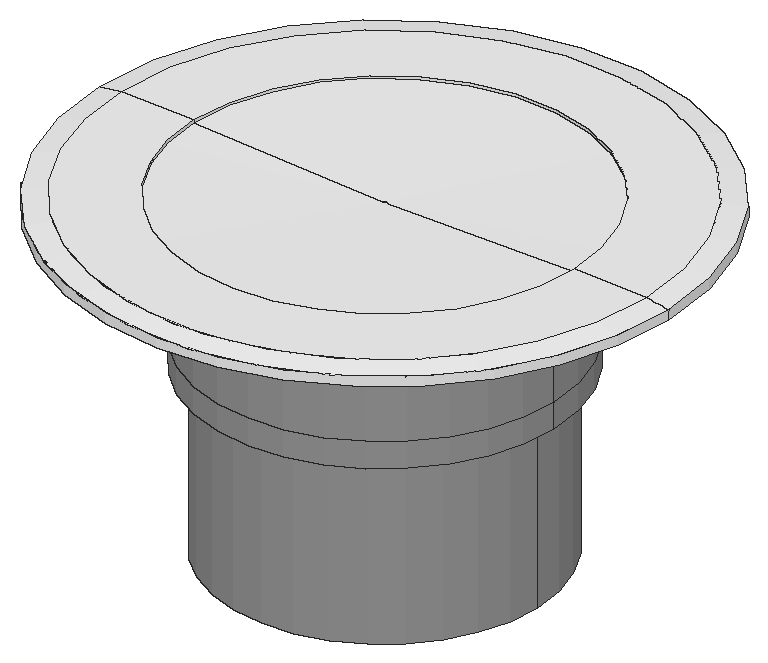
Revit family "Lighting_Outside_L&L-Luce&Light_Moby-3.1", category Lighting Fixtures, host Face, Revit 2020
Family settings
  Host = Face
  Round Connector Dimension = Use Diameter
  Part Type = Normal
  Cut with Voids When Loaded = No
  Light Source = Yes
  Shared = No
  Room Calculation Point = No
Parameters (values of type "MOBY 3.1 L 2700K 30W 24Vdc")
  ghiera = L&L Luce&Light - Glass
  Youtube clip = ""
  Wattage = 30 W
  Uniformat II Description = "Lighting & Branch Wiring"
  Uniformat II Code = "D5020"
  Uniclass 2015 Name = "Lighting"
  Uniclass 2015 Code = "EF_70_80"
  Uniclass 2.0 Description = "Lighting Systems"
  Uniclass 2.0 Code = "SS-70-80"
  Uniclass 1.4 Description = "Light beam systems"
  Uniclass 1.4 Code = "L762214"
  UNSPSC Code = "3911"
  Technical description = "https://www.lucelight.it/media/prodotti/st/ST_MOBY_31.pdf"
  Region South America = "AR, BO, BR, CL, CO, EC, FK, GF, GY, PE, PY, SR, UY, VE"
  Region Oceania = "AS, AU, CK, FJ, FM, GU, KI, MH, MP, NC, NF, NR, NU, NZ, PF, PG, PN, PW, SB, TK, TL, TO, TV, UM, WF, WS, VU"
  Region North America = "AG, AI, AW, BB, BL, BM, BQ, BS, BZ, CA, CR, CU, CW, DM, DO, GD, GL, GP, GT, HN, HT, JM, KN, KY, LC, MF, MQ, MS, MX, NI, PA, PM, PR, SV, SX, TC, TT, US, VC, VG, VI"
  Region Middle East = "AE, AF, BH, EG, IL, IQ, IR, JO, KW, LB, OM, PS, QA, SA, SY, TR, YE"
  Region Europe = "AD, AL, AT, AX, BA, BE, BG, BY, CH, CY, CZ, DE, DK, EE, ES, FI, FO, FR, GB, GG, GI, GR, HR, HU, IE, IM, IS, IT, JE, LI, LT, LU, LV, MC, MD, ME, MK, MT, NL, NO, PL, PT, RO, RS, RU, SE, SI, SJ, SK, SM, UA, VA"
  Region Asia = "AM, AZ, BD, BN, BT, CC, CN, CX, GE, HK, ID, IN, IO, JP, KG, KH, KP, KR, KZ, LA, LK, MM, MN, MO, MV, MY, NP, PH, PK, SG, TH, TJ, TM, TW, UZ, VN"
  Region Antarctica = "None"
  Region Africa = "AO, BF, BI, BJ, BW, CD, CF, CG, CI, CM, CV, DJ, DZ, EH, ER, ET, GA, GH, GM, GN, GQ, GW, KE, KM, LR, LS, LY, MA, MG, ML, MR, MU, MW, MZ, NA, NE, NG, RE, RW, SC, SD, SH, SL, SN, SO, SS, ST, SZ, TD, TG, TN, TZ, UG, YT, ZA, ZM, ZW"
  QR code = "http://bimobject.com/luce-and-light/product/Moby_31"
  Product url = "http://www.lucelight.it/en/prodotto.php/7628"
  Product group = "Recessed"
  Product family = "Underwater"
  Product data url = "https://bimobject.com/luce-and-light/product/Moby_31"
  Product certification = ""
  Product SKU = "Moby_31"
  Product Guid = "acb5320a-b268-4116-83cd-53ef48fb3387"
  OmniClass Description = "Lighting Fixtures"
  OmniClass Code = "23-35 47 11"
  Nominal width = "Ø270 mm"
  Nominal height = "140 mm"
  NBS Reference Description = "Lighting Systems"
  NBS Reference Code = "70-80"
  Material secondary = "Plastic"
  Material main = "Glass"
  Masterformat 2014 Description = "Lighting"
  Masterformat 2014 Code = "26 50 00"
  Manufacturer name = "L&L Luce&Light"
  Manufacturer country = "Italy"
  Luce-Light_lumen-output-at-source = "2537 lm (3000K),  RGBW: 1474 lm, R: 231 lm G: 432 lm B: 118 lm W: 693 lm (4000K),  cyan: 1303 lm"
  Luce-Light_Total_flow_rate = "1876 lm (3000K, 34°),  RGBW: 1090 lm, R: 171 lm, G: 319 lm, B: 87 lm, W: 513 lm (4000K, 34°),  cyan: 961 lm (34°)"
  Luce-Light_Screen_material = "glass cover with vitrified serigraphy"
  Luce-Light_Rated_power_input = ""
  Luce-Light_Power_Class = "24Vdc"
  Luce-Light_Power = "30W"
  Luce-Light_Optical_assembly = "22°, 34°, 62°, 31°x64°"
  Luce-Light_Note = ""
  Luce-Light_Mounting = "recessed (wall), max depth 10 m"
  Luce-Light_LED_light_sources = "5 power LEDs groups, RGBW: 5 RGBW LEDs groups, Cyan: 5 Cyan LEDs groups"
  Luce-Light_LED_light_intensity = ""
  Luce-Light_LED_colour = "2700K, 3000K, 4000K, RGBW, cyan"
  Luce-Light_IP = "68"
  Luce-Light_IK = "10"
  Luce-Light_Finishes_material = ""
  Luce-Light_Color_Rendering_Index_CRI = "≥80"
  Luce-Light_Classification = "CE"
  Luce-Light_Body_material = "body in thermally conductive plastic,"
  Luce-Light_Applications = "underwater"
  Luce-Light_Accessories = "honeycomb louvre, outer casing"
  Installation instructions = "https://www.lucelight.it/media/prodotti/si/DIEIMO311_Moby_11-21-31.pdf"
  IFC Classification = "Light Fixture"
  GTIN code = ""
  Emit from Circle Diameter = 155 mm
  Emit Shape Visible in Rendering = no
  Edition number = 1
  Dimming Lamp Color Temperature Shift = <None>
  URL = "https://www.lucelight.it/en/"
  built-in parameter 1150107 = 2700 (stored number, unit not read)
  Design country = "Italy"
  Default Elevation = 1219.2 mm
  Manufacturer = "L&L Luce&Light"
  built-in parameter 1150110 = 1 (stored number, unit not read)
  built-in parameter 1150109 = 1 (stored number, unit not read)
  Date of publishing = "12/19/2018"
  COBIe Type Category = ""
  Brand url = "https://www.lucelight.it/en/"
  built-in parameter 1114218 = 1 (stored number, unit not read)
  built-in parameter 1150112 = 1 (stored number, unit not read)
  Model = "Moby 3.1"
  built-in parameter 1150137 = (empty or 0)
  built-in parameter 1150132 = (empty or 0)
  Lamp = "LED"
  built-in parameter 1150105 = 201.9 (stored number, unit not read)
  built-in parameter 1150102 = (empty or 0)
  built-in parameter 1150106 = 2.019 (stored number, unit not read)
  Lumens = 2537.1 lm
  Color Filter = 16777215
  Photometric Web File = "MOBY 3.1 L [2700K 30W 24Vdc].IES"
  built-in parameter 1114217 = 1 (stored number, unit not read)
  built-in parameter 1150139 = (empty or 0)
  built-in parameter 1150104 = 7.8568 (stored number, unit not read)
  built-in parameter 1150115 = 1 (stored number, unit not read)
  built-in parameter 1150114 = 1 (stored number, unit not read)
  built-in parameter 1150113 = 1 (stored number, unit not read)
  Diametro apparecchio = 270 mm
  Description = ""
  Wattage Comments = ""
  built-in parameter 1150134 = (empty or 0)
  built-in parameter 1150138 = (empty or 0)
  built-in parameter 1114216 [instance] = 1 (stored number, unit not read)
  BIMobject main category code = "lighting"
  BIMobject main category = "Lighting"
  BIMobject category code = "lighting-outside"
  BIMobject category = "Outside"
  Assembly Code = ""
  Apparent Load = 30 VA
  Apparecchio = L&L Luce&Light - Thermally conductive plastic
  Tilt Angle = 90.00°
  built-in parameter 1150133 = 10 (stored number, unit not read)
Types (20, lengths in mm): name | built-in parameter 1150107 | Photometric Web File | built-in parameter 1150134
  MOBY 3.1 L 2700K 30W 24Vdc | 2700 (stored number, unit not read) | "MOBY 3.1 L [2700K 30W 24Vdc].IES" | (empty or 0)
  MOBY 3.1 L 3000K 30W 24Vdc | 3000 (stored number, unit not read) | "MOBY 3.1 L [3000K 30W 24Vdc].IES" | (empty or 0)
  MOBY 3.1 L 4000K 30W 24Vdc | 4000 (stored number, unit not read) | "MOBY 3.1 L [4000K 30W 24Vdc].IES" | 12
  MOBY 3.1 L CYAN 30W 24Vdc | 2700 (stored number, unit not read) | "MOBY 3.1 L [CYAN 30W 24Vdc].IES" | (empty or 0)
  MOBY 3.1 L RGBW 30W 24Vdc | 2700 (stored number, unit not read) | "MOBY 3.1 L [RGBW 30W 24Vdc].IES" | (empty or 0)
  MOBY 3.1 M 2700K 30W 24Vdc | 2700 (stored number, unit not read) | "MOBY 3.1 M [2700K 30W 24Vdc].IES" | (empty or 0)
  MOBY 3.1 M 3000K 30W 24Vdc | 3000 (stored number, unit not read) | "MOBY 3.1 M [3000K 30W 24Vdc].IES" | (empty or 0)
  MOBY 3.1 M 4000K 30W 24Vdc | 4000 (stored number, unit not read) | "MOBY 3.1 M [4000K 30W 24Vdc].IES" | 12
  MOBY 3.1 M CYAN 30W 24Vdc | 2700 (stored number, unit not read) | "MOBY 3.1 M [CYAN 30W 24Vdc].IES" | (empty or 0)
  MOBY 3.1 M RGBW 30W 24Vdc | 2700 (stored number, unit not read) | "MOBY 3.1 M [RGBW 30W 24Vdc].IES" | (empty or 0)
  MOBY 3.1 S 2700K 30W 24Vdc | 2700 (stored number, unit not read) | "MOBY 3.1 S [2700K 30W 24Vdc].IES" | (empty or 0)
  MOBY 3.1 S 3000K 30W 24Vdc | 3000 (stored number, unit not read) | "MOBY 3.1 S [3000K 30W 24Vdc].IES" | (empty or 0)
  MOBY 3.1 S 4000K 30W 24Vdc | 4000 (stored number, unit not read) | "MOBY 3.1 S [4000K 30W 24Vdc].IES" | 12
  MOBY 3.1 S CYAN 30W 24Vdc | 2700 (stored number, unit not read) | "MOBY 3.1 S [CYAN 30W 24Vdc].IES" | (empty or 0)
  MOBY 3.1 S RGBW 30W 24Vdc | 2700 (stored number, unit not read) | "MOBY 3.1 S [RGBW 30W 24Vdc].IES" | (empty or 0)
  MOBY 3.1 W 2700K 30W 24Vdc | 2700 (stored number, unit not read) | "MOBY 3.1 W [2700K 30W 24Vdc].IES" | (empty or 0)
  MOBY 3.1 W 3000K 30W 24Vdc | 3000 (stored number, unit not read) | "MOBY 3.1 W [3000K 30W 24Vdc].IES" | (empty or 0)
  MOBY 3.1 W 4000K 30W 24Vdc | 4000 (stored number, unit not read) | "MOBY 3.1 W [4000K 30W 24Vdc].IES" | 12
  MOBY 3.1 W CYAN 30W 24Vdc | 2700 (stored number, unit not read) | "MOBY 3.1 W [CYAN 30W 24Vdc].IES" | (empty or 0)
  MOBY 3.1 W RGBW 30W 24Vdc | 2700 (stored number, unit not read) | "MOBY 3.1 W [RGBW 30W 24Vdc].IES" | (empty or 0)
Reference planes
  plane 1 "Centro (Fronte/Retro)": y = 0
  plane 2: z = 0
  plane 3 "Centro (Sinistra/Destra)": x = 0
Forms (mm)
  Revolve 1, solid, material "L&L Luce&Light - Glass" <- "ghiera"
    sketch origin (0, 0, 0) x (1, 0, 0) y (0, 0, 1)
      loop
        line (-77.5, 3.68) -> (-107.131, 3.68) -> (-116, 2.43) -> (-116, -1.32) -> (-54, -1.32) -> (-22.125, -7.516) -> (-0.521, -7.516) -> (-0.521, 0.903) -> (-77.5, 2.721) -> (-77.5, 3.68)
      axis (0, 3.68) -> (0, -7.516)
    angle from 0 to 360
  Revolve 2, solid, material "Acciaio, qualità superiore"
    sketch origin (0, 0, 0) x (1, 0, 0) y (0, 0, 1)
      loop
        line (-12.943, -141.32) -> (-2.943, -141.32) -> (-2.943, -1.32) -> (-86, -1.32) -> (-86, -6.32) -> (-79.16, -20.114) -> (-69.16, -20.114) -> (-69.16, -47.589) -> (-69.16, -57.589) -> (-62.5, -57.589) -> (-62.5, -125.32) -> (-12.943, -125.32) -> (-12.943, -141.32)
      axis (0, -1.32) -> (0, -141.32)
    angle from 0 to 360
  Revolve 3, solid
    sketch origin (0, 0, 0) x (1, 0, 0) y (0, 0, 1)
      loop
        line (-4.115, -113) -> (-4.115, -118.706) -> (-1.613, -118.706) -> (-1.613, -113) -> (-4.115, -113)
      axis (0, -113) -> (0, -118.706)
    angle from 0 to 360
Dimensions and locks
  aligned and locked: plane 2 to host face
  aligned and locked: level to host face
  aligned and locked: Revolve 1 to Revolve 2 sketch curve
Connectors
  electrical at (0, 0, 0)
    settings: on Revolve 1, index 1, voltage 24 V, apparent load 0 VA, apparent load phase1 30 VA, apparent load phase2 0 VA, apparent load phase3 0 VA, power factor 1, load classification "Altro", number of poles 1, system type 31, power factor state 1, is connector primary yes, connector utility no, sub classification motor no, connector description ""
